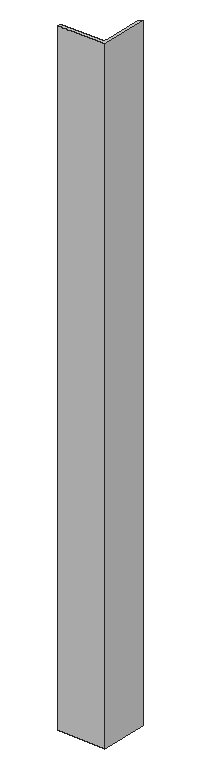
Revit family "90bfe488e7d4494c8fe5576e1aef57fb", category Structural Columns, Revit 2021
Family settings
  Section Shape = L-angle
  Material for Model Behavior = Steel
  Always export as geometry = No
  Beam cutback in plan = From bounding box
  Family Name Key = L Equal Angles-Column
  Code Name = AISC 14.1
  OmniClass Number = 23.25.30.11.14.11
  OmniClass Title = Columns
  Seek Item ID = L-Equal Angles-Column-0000-USA-ENU
  Cut with Voids When Loaded = No
  Symbolic Representation = From Project Settings
  Shared = No
  Show family pre-cut in plan views = Yes
Parameters (values of type "L8X8X1/2")
  Width = 0' - 8"
  Web Thickness = 0' - 0 1/2"
  Web Fillet = 0' - 0 1/2"
  Warping Constant = 3.230000 in⁶
  Torsional Moment of Inertia = 0.68300 in⁴
  Top Web Fillet = 0' - 0 1/4"
  Structural Material [instance] = Steel ASTM A36
  Section Name Key = ""
  Section Area = 7.840 in²
  Principal Axes Angle = 45.00°
  Plastic Modulus weak axis = 15.100 in³
  Plastic Modulus strong axis = 15.100 in³
  Perimeter = 0.00 ft²/ft
  Nominal Weight = 26.40 lbf/ft
  Moment of Inertia weak axis = 48.80000 in⁴
  Moment of Inertia strong axis = 48.80000 in⁴
  Height = 0' - 8"
  Flange Thickness = 0' - 0 1/2"
  Flange Fillet = 0' - 0 1/4"
  Elastic Modulus weak axis = 8.360 in³
  Elastic Modulus strong axis = 8.360 in³
  Centroid Vertical = 0' - 2.17"
  Centroid Horizontal = 0' - 2.17"
  Bolt Spacing Shorter Flange = 0' - 4 1/2"
  Bolt Spacing 2 Longer Flange = 0' - 0"
  Bolt Spacing 1 Longer Flange = 0' - 4 1/2"
  Assembly Code = "B10"
Reference planes (in)
  plane 1: y = 0
  plane 2: z = 0
  plane 3: x = 0
  plane 4: y = -2.17
  plane 5: x = 1.67
  plane 6: x = -5.83
  plane 7: y = -1.67
  plane 8: x = 2.17
  plane 9: y = 5.83
Forms (in)
  Extrusion 1, solid, material "Steel ASTM A36" <- "Structural Material", detail levels medium
    sketch origin (0, 0, 0) x (1, 0, 0) y (0, 1, 0)
      loop
        line (1.67, 5.83) -> (1.67, -1.67) -> (-5.83, -1.67) -> (-5.83, -2.17) -> (2.17, -2.17) -> (2.17, 5.83) -> (1.67, 5.83)
    from 0 to 108
  Extrusion 2, solid, material "Steel ASTM A36" <- "Structural Material", detail levels fine
    sketch origin (0, 0, 0) x (1, 0, 0) y (0, 1, 0)
      loop
        line (1.67, 5.58) -> (1.67, -1.17)
        arc (1.67, -1.17) -> (1.52355, -1.52355) -> (1.17, -1.67) r 0.5
        line (1.17, -1.67) -> (-5.58, -1.67)
        arc (-5.58, -1.67) -> (-5.75678, -1.74322) -> (-5.83, -1.92) r 0.25
        line (-5.83, -1.92) -> (-5.83, -2.17) -> (2.17, -2.17) -> (2.17, 5.83) -> (1.92, 5.83)
        arc (1.92, 5.83) -> (1.74322, 5.75678) -> (1.67, 5.58) r 0.25
    from 0 to 108
Lines and regions (in)
  symbolic lines, style "Hidden Faces", detail levels medium+fine
    curve 1: line (1.67, 0, 108) -> (1.67, 0, 0)
    curve 4: line (-1.67, -1.67, 108) -> (-1.67, -1.67, 0)
  symbolic lines, style "StructuralColumnStickSymbols", detail levels coarse
    curve 2: line (2.17, 5.83, 0) -> (2.17, -2.17, 0)
    curve 3: line (2.17, -2.17, 0) -> (-5.83, -2.17, 0)
Dimensions and locks (in)
  "Centroid Horizontal": plane 3 to plane 8
  "Web Thickness": plane 5 to plane 8
  "Centroid Vertical": plane 4 to plane 1
  "Flange Thickness": plane 7 to plane 4
  "Height": plane 4 to plane 9
  "Width": plane 6 to plane 8
  "Web Fillet": radius of Extrusion 2 sketch curve
  "Flange Fillet": radius of Extrusion 2 sketch curve
  "Top Web Fillet": radius of Extrusion 2 sketch curve
  aligned and locked: level to plane 2
  aligned and locked: level to curve 1
  aligned and locked: plane 5 to curve 1
  aligned and locked: plane 2 to curve 1
  aligned and locked: curve 2 to plane 8
  aligned and locked: curve 3 to plane 4
  aligned and locked: plane 6 to curve 3
  aligned and locked: plane 9 to curve 2
  aligned and locked: Extrusion 1 sketch curve to plane 9
  aligned and locked: Extrusion 1 sketch curve to plane 5
  aligned and locked: Extrusion 1 sketch curve to plane 8
  aligned and locked: Extrusion 1 sketch curve to plane 7
  aligned and locked: plane 6 to Extrusion 1 sketch curve
  aligned and locked: Extrusion 1 sketch curve to plane 4
  aligned and locked: level to Extrusion 1
  aligned and locked: Extrusion 1 to level
  aligned and locked: plane 4 to Extrusion 2 sketch curve
  aligned and locked: Extrusion 2 sketch curve to plane 6
  aligned and locked: plane 7 to Extrusion 2 sketch curve
  aligned and locked: plane 5 to Extrusion 2 sketch curve
  aligned and locked: plane 9 to Extrusion 2 sketch curve
  aligned and locked: plane 8 to Extrusion 2 sketch curve
  aligned and locked: level to Extrusion 2
  aligned and locked: Extrusion 2 to level
  aligned and locked: level to curve 4  (x2)
  aligned and locked: plane 7 to curve 4
